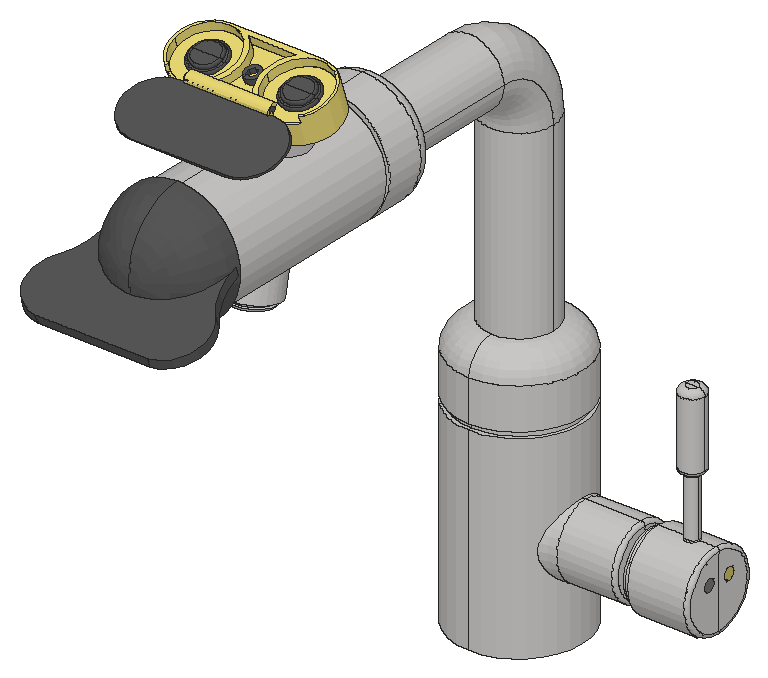
Revit family "SEF-1880", category Plumbing Fixtures, Revit 2023
Family settings
  Round Connector Dimension = Use Diameter
  Part Type = Normal
  OmniClass Number = 23.45.00.00
  OmniClass Title = Sanitary, Laundry, and Cleaning Equipment
  Work Plane-Based = No
  Enable Cutting in Views = No
  Always vertical = Yes
  Cut with Voids When Loaded = No
  Maintain Annotation Orientation = No
  Shared = No
  Room Calculation Point = No
Parameters
  Default Elevation = 0"
Reference planes (in)
  plane 1 "Center (Front/Back)": y = 0
  plane 2: z = 0
  plane 3 "Center (Left/Right)": x = 0
  plane 4: z = 0
  plane 5 "Center L/S": y = -5.39
  plane 6: z = 5.3856
  plane 7 "Center L/T": y = -5.5
  plane 8 "Center L/U": y = 1.015
  plane 9 "Center L/V": y = -1.015
  plane 10: z = 4.3636
  plane 11: y = -2.89
  plane 12: y = -7.89
  plane 13: y = -6.875
  plane 14: through (480, -5.76049, 10.10659) normal (0, -0.342, 0.9397)
  plane 15: through (480, -5.76049, 10.10659) normal (0, -0.9397, -0.342)
  plane 16: through (480, -4.75645, 10.47203) normal (0, -0.9397, -0.342)
  plane 17: through (480, -5.45937, 7) normal (0, -0.9781, 0.2079)
  plane 18 "Center L/X": y = -6.625
  plane 19: through (480, -4.76832, 8.60444) normal (0, -0.9397, -0.342)
  plane 20: x = -1.28022
  plane 21: x = 3.21978
  plane 22: z = 6.75
  plane 23: z = 10.3125
  plane 24: through (480, -5.183, 8.18177) normal (0, 0.342, 0.9397)
Forms (in)
  Revolve 1, solid, material "stailes steel"
    sketch origin (0, 0, 0.25) x (0, 1, 0) y (0, 0, 1)
      loop
        line (0, 4.1136) -> (0, -0.25) -> (1.015, -0.25) -> (1.015, 2.9272) -> (0.94893, 2.9272) -> (0.94893, 3.02596) -> (1.015, 3.02596) -> (1.015, 3.68776)
        arc (1.015, 3.68776) -> (0.8634, 3.98407) -> (0.55682, 4.1136) r 0.48657
        line (0.55682, 4.1136) -> (0, 4.1136)
      axis (0, 4.1136) -> (0, -0.25)
    angle from 0 to 360
  Sweep 2, solid, material "stailes steel"
    path origin (0, 0, 1.7376) x (0, 1, 0) y (0, 0, 1)
      loop
        line (0, 2.626) -> (0, 5.591)
        arc (0, 5.591) -> (-0.29729, 6.30871) -> (-1.015, 6.606) r 1.015
        line (-1.015, 6.606) -> (-2.89, 6.606)
    profile origin (0, 0, 5.8461) x (0, -1, 0) y (1, 0, 0)
      loop
        circle (0, 0) r 0.55682
  Revolve 3, solid, material "stailes steel"
    sketch origin (0, 0, 1.7376) x (0, 1, 0) y (0, 0, 1)
      loop
        line (-6.87061, 6.606) -> (-6.87061, 5.6742) -> (-3.8506, 5.6742) -> (-3.8506, 5.75791) -> (-3.77829, 5.75791) -> (-3.77829, 5.6742) -> (-3.14, 5.6742)
        arc (-3.14, 5.6742) -> (-2.96322, 5.74743) -> (-2.89, 5.9242) r 0.25
        line (-2.89, 5.9242) -> (-2.89, 6.606) -> (-6.87061, 6.606)
      axis (-6.87061, 6.606) -> (-2.89, 6.606)
    angle from 0 to 360
  Revolve 4, solid, material "black plactic"
    sketch origin (0, 0, 1.7376) x (0, 1, 0) y (0, 0, 1)
      loop
        line (-6.87061, 6.606) -> (-6.87061, 7.606)
        arc (-6.87061, 7.606) -> (-7.57771, 7.31311) -> (-7.87061, 6.606) r 1
        line (-7.87061, 6.606) -> (-6.87061, 6.606)
      axis (-7.87061, 6.606) -> (-6.87061, 6.606)
    angle from 0 to 360
  Extrusion 5, solid, material "Black"
    sketch origin (0, 1.87186, 4.49061) x (1, 0, 0) y (0, 0.939693, 0.34202)
      loop
        line (-0.90764, -8.70609) -> (0.90764, -8.70609)
        arc (0.90764, -8.70609) -> (1.38946, -8.34068) -> (1.28845, -7.74445) r 0.58335
        arc (1.28845, -7.74445) -> (1.06599, -7.36615) -> (0.99201, -6.93357) r 1.21829
        arc (0.99201, -6.93357) -> (-0.00053, -7.80329) -> (-0.99122, -6.93146) r 1
        arc (-0.99122, -6.93146) -> (-1.06541, -7.36517) -> (-1.28845, -7.74445) r 1.22155
        arc (-1.28845, -7.74445) -> (-1.38946, -8.34068) -> (-0.90764, -8.70609) r 0.58335
    from 6.606 to 6.76284
  Revolve 6, solid, material "stailes steel"
    sketch origin (0, 0.76611, 1.85587) x (0, 0.999848, 0.017452) y (0, -0.017452, 0.999848)
      loop
        line (-6.11237, 5.34898) -> (-5.95855, 6.01522) -> (-6.3983, 6.11674) -> (-6.55211, 5.4505) -> (-6.11237, 5.34898)
      axis (-5.95855, 6.01522) -> (-6.11237, 5.34898)
    angle from 0 to 360
  Revolve 7, solid, material "stailes steel"
    sketch origin (0, 0.76611, 1.85587) x (0, 0.999848, 0.017452) y (0, -0.017452, 0.999848)
      loop
        line (-6.13476, 5.252) -> (-6.11222, 5.3496) -> (-6.45935, 5.42974) -> (-6.49303, 5.41749) -> (-6.48139, 5.38551) -> (-6.50785, 5.36743) -> (-6.49621, 5.33545) -> (-6.13476, 5.252)
      axis (-6.11222, 5.3496) -> (-6.13476, 5.252)
    angle from 0 to 360
  Extrusion 8, solid, material "yellow"
    sketch origin (0, 3.41015, 4.07943) x (1, 0, 0) y (0, 0.939693, 0.34202)
      loop
        arc (-0.75, -5.60336) -> (-1.28424, -6.1376) -> (-0.75, -6.67183) r 0.53424
        line (-0.75, -6.67183) -> (0.75, -6.67183)
        arc (0.75, -6.67183) -> (1.28424, -6.1376) -> (0.75, -5.60336) r 0.53424
        line (0.75, -5.60336) -> (-0.75, -5.60336)
    from 8.367 to 8.867
  Extrusion 9, void
    sketch origin (0, 3.41015, 4.07943) x (1, 0, 0) y (0, 0.939693, 0.34202)
      loop
        circle (-0.74404, -6.1376) r 0.5
      loop
        circle (0.74404, -6.1376) r 0.5
      loop
        line (0.38881, -5.68149) -> (-0.38881, -5.68149)
        arc (-0.38881, -5.68149) -> (-0.16592, -6.1376) -> (-0.38881, -6.59371) r 0.57812
        line (-0.38881, -6.59371) -> (0.38881, -6.59371)
        arc (0.38881, -6.59371) -> (0.16592, -6.1376) -> (0.38881, -5.68149) r 0.57812
    from 8.71939 to 8.867
  Revolve 10, solid, material "black plactic"
    sketch origin (0.07238, -2.3687, 2.02609) x (1, 0, 0) y (0, -0.34202, 0.939693)
      loop
        line (-0.81642, 8.78072) -> (-1.028, 8.78072)
        arc (-1.028, 8.78072) -> (-1.05867, 8.75005) -> (-1.028, 8.71939) r 0.03066
        line (-1.028, 8.71939) -> (-1.09196, 8.71939)
        arc (-1.09196, 8.71939) -> (-1.11469, 8.69666) -> (-1.09196, 8.67394) r 0.02273
        line (-1.09196, 8.67394) -> (-0.81642, 8.67394) -> (-0.81642, 8.78072)
      axis (-0.81642, 8.78072) -> (-0.81642, 8.67394)
    angle from 0 to 360
  Revolve 11, solid, material "black plactic"
    sketch origin (-0.07238, -2.3687, 2.02609) x (-1, 0, 0) y (0, 0.34202, -0.939693)
      loop
        line (-0.81642, -8.78072) -> (-0.81642, -8.67394) -> (-1.09196, -8.67394)
        arc (-1.09196, -8.67394) -> (-1.11469, -8.69666) -> (-1.09196, -8.71939) r 0.02273
        line (-1.09196, -8.71939) -> (-1.028, -8.71939)
        arc (-1.028, -8.71939) -> (-1.05867, -8.75005) -> (-1.028, -8.78072) r 0.03066
        line (-1.028, -8.78072) -> (-0.81642, -8.78072)
      axis (-0.81642, -8.78072) -> (-0.81642, -8.67394)
    angle from 0 to 360
  Extrusion 12, solid, material "black plactic"
    sketch origin (0, 3.41015, 4.07943) x (1, 0, 0) y (0, 0.939693, 0.34202)
      loop
        circle (0, -6.1376) r 0.1333
      loop
        line (0.08128, -6.15938) -> (0.0595, -6.07809) -> (-0.02178, -6.05631) -> (-0.08128, -6.11582) -> (-0.0595, -6.1971) -> (0.02178, -6.21888) -> (0.08128, -6.15938)
    from 8.55135 to 8.80094
  Extrusion 13, solid, material "yellow"
    sketch origin (0, 3.41015, 4.07943) x (0, 0.939693, 0.34202) y (0, -0.34202, 0.939693)
      loop
        arc (-6.48571, 8.88472) -> (-6.64092, 8.91771) -> (-6.68995, 8.76679) r 0.11857
        line (-6.68995, 8.76679) -> (-6.48571, 8.88472)
    from -0.67108 to 0.67631
  Extrusion 14, solid, material "black plactic"
    sketch origin (0, 2.737, 4.1288) x (1, 0, 0) y (0, 0.920505, 0.390731)
      loop
        line (0.75, -5.60336) -> (-0.75, -5.60336)
        arc (-0.75, -5.60336) -> (-1.28424, -6.1376) -> (-0.75, -6.67183) r 0.53424
        line (-0.75, -6.67183) -> (0.75, -6.67183)
        arc (0.75, -6.67183) -> (1.28424, -6.1376) -> (0.75, -5.60336) r 0.53424
    from 8.84664 to 8.88213
  Revolve 15, solid, material "stailes steel"
    sketch origin (0, -0.68337, 0.47881) x (0, 0.984808, -0.173648) y (0, 0.173648, 0.984808)
      loop
        line (-6.44829, 7.98135) -> (-5.76888, 6.80458) -> (-5.30621, 7.0717) -> (-5.98562, 8.24847) -> (-6.44829, 7.98135)
      axis (-5.98562, 8.24847) -> (-5.30621, 7.0717)
    angle from 0 to 360
  Revolve 16, solid
    sketch origin (0, -0.68337, 0.47881) x (0, 0.984808, -0.173648) y (0, 0.173648, 0.984808)
      loop
        arc (-6.55539, 8.16687) -> (-6.4694, 8.09284) -> (-6.44829, 7.98135) r 0.17187
        line (-6.44829, 7.98135) -> (-5.98562, 8.24847) -> (-6.09273, 8.43399) -> (-6.55539, 8.16687)
      axis (-6.09273, 8.43399) -> (-5.98562, 8.24847)
    angle from 0 to 360
  Revolve 17, solid, material "stailes steel"
    sketch origin (0, 0, 0.25) x (1, 0, 0) y (0, 0, 1)
      loop
        line (0.50465, 1.28115) -> (0.50465, 0.4497)
        arc (0.50465, 0.4497) -> (0.75853, 0.63537) -> (1.06613, 0.70108) r 0.75276
        line (1.06613, 0.70108) -> (1.95735, 0.70108)
        arc (1.95735, 0.70108) -> (1.99983, 0.71868) -> (2.01743, 0.76116) r 0.06008
        line (2.01743, 0.76116) -> (2.01743, 0.88187) -> (2.11041, 0.88187) -> (2.11041, 0.77175)
        arc (2.11041, 0.77175) -> (2.12801, 0.72927) -> (2.17049, 0.71167) r 0.06008
        line (2.17049, 0.71167) -> (2.50222, 0.77017) -> (2.50222, 1.28115) -> (0.50465, 1.28115)
      axis (0.50465, 1.28115) -> (2.50222, 1.28115)
    angle from 0 to 360
  Revolve 18, solid, material "stailes steel"
    sketch origin (0, 0, 0.25) x (1, 0, 0) y (0, 0, 1)
      loop
        line (2.25608, 0.64892) -> (3.16005, 0.64892)
        arc (3.16005, 0.64892) -> (3.20229, 0.66642) -> (3.21978, 0.70866) r 0.05973
        line (3.21978, 0.70866) -> (3.21978, 1.28115) -> (2.25608, 1.28115) -> (2.25608, 0.64892)
      axis (2.25608, 1.28115) -> (3.21978, 1.28115)
    angle from 0 to 360
  Revolve 19, solid, material "stailes steel"
    sketch origin (0, 0, 0.25) x (1, 0, 0) y (0, 0, 1)
      loop
        line (2.89758, 1.92732) -> (2.89758, 2.8669) -> (2.93804, 2.8669) -> (2.93804, 2.89857) -> (2.96959, 2.89857)
        arc (2.96959, 2.89857) -> (2.98349, 2.9157) -> (2.98885, 2.9371) r 0.05095
        line (2.98885, 2.9371) -> (2.98885, 4.01436)
        arc (2.98885, 4.01436) -> (2.95978, 4.08454) -> (2.8896, 4.1136) r 0.09925
        line (2.8896, 4.1136) -> (2.79035, 4.1136) -> (2.79035, 1.8669) -> (2.958, 1.8669)
        arc (2.958, 1.8669) -> (2.91528, 1.8846) -> (2.89758, 1.92732) r 0.06042
      axis (2.79035, 1.8669) -> (2.79035, 4.1136)
    angle from 0 to 360
  Extrusion 20, void
    sketch origin (0, 0, 0.25) x (0, 1, 0) y (0, 0, 1)
      loop
        circle (-0.20038, 1.45525) r 0.10371
    from 3.09804 to 3.21978
  Extrusion 21, solid, material "blue"
    sketch origin (0, 0, 0.25) x (0, 1, 0) y (0, 0, 1)
      loop
        circle (-0.20038, 1.45525) r 0.08922
    from 3.09804 to 3.21978
  Extrusion 22, void
    sketch origin (0, 0, 0.25) x (0, -1, 0) y (0, 0, -1)
      loop
        circle (-0.20038, -1.45525) r 0.10371
    from 3.09804 to 3.21978
  Extrusion 23, solid, material "red"
    sketch origin (0, 0.40076, 0.25) x (0, 1, 0) y (0, 0, 1)
      loop
        circle (-0.20038, 1.45525) r 0.08922
    from 3.09804 to 3.21978
  Extrusion 24, solid, material "black plactic"
    sketch origin (0, 0, 0) x (0, 1, 0) y (0, 0, 1)
      loop
        circle (-5.83604, 10.15526) r 0.04647
    from -0.69245 to 0.68828
  Extrusion 25, void
    sketch origin (0, 2.48576, 2.26611) x (1, 0, 0) y (0, 0.939693, 0.34202)
      loop
        arc (-0.69245, -5.14609) -> (-0.88408, -5.12875) -> (-1.05497, -5.04033) r 0.5
        line (-1.05497, -5.04033) -> (-1.08197, -5.06733)
        arc (-1.08197, -5.06733) -> (-0.92577, -5.15325) -> (-0.75, -5.183) r 0.53424
        line (-0.75, -5.183) -> (-0.69245, -5.183) -> (-0.69245, -5.14609)
    from 10.12868 to 10.55842
  Extrusion 26, void
    sketch origin (0, 2.48576, 2.26611) x (-1, 0, 0) y (0, -0.939693, -0.34202)
      loop
        line (-0.69245, 5.14609) -> (-0.69245, 5.183) -> (-0.75, 5.183)
        arc (-0.75, 5.183) -> (-0.92577, 5.15325) -> (-1.08197, 5.06733) r 0.53424
        line (-1.08197, 5.06733) -> (-1.05497, 5.04033)
        arc (-1.05497, 5.04033) -> (-0.88408, 5.12875) -> (-0.69245, 5.14609) r 0.5
    from 10.12868 to 10.85831
Cuts and joins
  Extrusion 9, Extrusion 25, Extrusion 26 cuts Revolve 3
  Extrusion 9 cuts Revolve 6
  Extrusion 9 cuts Revolve 7
  Extrusion 9, Extrusion 25, Extrusion 26 cuts Extrusion 8
  Extrusion 25, Extrusion 26 cuts Extrusion 13
  joined: Extrusion 8, Extrusion 13
  joined: Revolve 11, Extrusion 12
  Extrusion 20 cuts Revolve 1
  Extrusion 20 cuts Revolve 17
  joined: Revolve 1, Revolve 17
  Extrusion 20, Extrusion 22 cuts Revolve 18
  Extrusion 22 cuts Extrusion 21
  Extrusion 25, Extrusion 26 cuts Extrusion 24
Dimensions and locks (in)
  plane 5 "Center L/S" to plane 1 "Center (Front/Back)" = 5.39"
  plane 7 "Center L/T" to plane 1 "Center (Front/Back)" = 5 1/2"
  plane 18 "Center L/X" to plane 1 "Center (Front/Back)" = 6 5/8"
  level to plane 22 = 6 3/4"
  plane 20 to plane 21 = 4 1/2"
  level to plane 23 = 10 5/16"
  angle plane 17 to plane 1 "Center (Front/Back)" = 12.00°
  angle plane 1 "Center (Front/Back)" to plane 19 = 20.00°
  aligned and locked: level to plane 2
